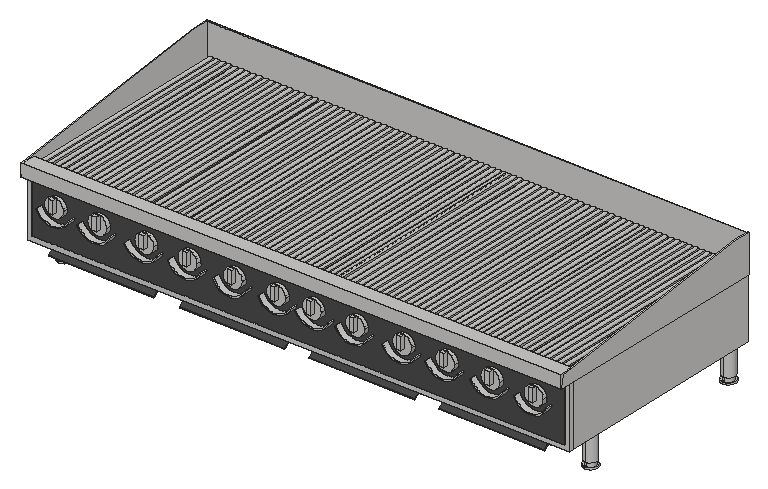
Revit family "QF_Vollrath_972CG", category Specialty Equipment, Revit 2016
Family settings
  Part Type = Normal
  Round Connector Dimension = Use Diameter
  OmniClass Number = 23.40.40.14.17.21
  OmniClass Title = Grills
  Work Plane-Based = No
  Always vertical = Yes
  Cut with Voids When Loaded = No
  Shared = No
  Room Calculation Point = No
Parameters (values of type "972CG")
  Width = 72.00"
  Weight in Pounds = 700
  Watermarked By = "http://revitwatermark.com"
  URL Cutsheet = ""
  URL = ""
  Status [instance] = ""
  Specification by User [instance] = ""
  Specification by Manufacturer [instance] = ""
  Serial Number [instance] = ""
  Seismic Rating [instance] = ""
  Revision Code [instance] = ""
  NAFEM Spec ID Number [instance] = ""
  Model = "972CG"
  Mechanical Remarks [instance] = ""
  Mechanical Connection Type [instance] = ""
  Masterspec [instance] = ""
  Manufacturer = "Vollrath"
  Length = 31.00"
  Item Number [instance] = "-"
  Installed By [instance] = ""
  Height AFF [instance] = 36.00"
  Gas Size = 3/4"
  Gas RI Height [instance] = 0.00"
  Gas Input = 240000.0 Btu/h
  Gas Connection Height [instance] = Height AFF + 5.375"  # 41.375"
  Furnished By [instance] = ""
  Foodservice Equipment Identifier [instance] = yes
  Description = "Heavy Duty Charbroiler"
  CSI MasterFormat = "11 44 00"
  Assembly Code = "E1090320"
Reference planes (in)
  plane 1: z = 0
  plane 2 "BOTTOM": z = 36
  plane 3 "LEFT CLEARANCE": x = -30.72076
  plane 4 "RIGHT CLEARANCE": x = 53.27924
  plane 5 "BACK CLEARANCE": y = 6
  plane 6 "FRONT": y = -31
  plane 7 "Top of Legs": z = 40
  plane 8 "LEFT": x = -24.72076
  plane 9: x = 47.27924
  plane 10 "BACK": y = 0
  plane 11: z = 39.75
  plane 12: z = 39.5
  plane 13: x = -22.40972
  plane 14: x = -18.72076
  plane 15: x = -15.03179
  plane 16: z = 41.5
  plane 17: x = -12.72076
  plane 18: y = -0.125
  plane 19: x = -24.59576
  plane 20: z = 48.06
  plane 21: x = -6.72076
  plane 22: z = 53.06
  plane 23: x = 2.27924
  plane 24: x = 8.27924
  plane 25: x = 11.27924
  plane 26: x = 11.27924
  plane 27: x = 17.27924
  plane 28: y = -53.12
  plane 29: z = 48.51316
  plane 30: z = 39.5
  plane 31: y = 1.5
  plane 32: x = 18.26221
Forms (in)
  Extrusion 1, solid, material "QF_Finishes_Stainless Steel"
    sketch origin (0, 0, 36) x (0, 1, 0) y (-1, 0, 0)
      loop
        circle (-2, 23.59576) r 0.9375
    from 0 to 0.125
  Extrusion 2, solid, material "QF_Finishes_Stainless Steel"
    sketch origin (0, 0, 36) x (0, 1, 0) y (-1, 0, 0)
      loop
        circle (-2, 23.59576) r 0.625
    from 0.125 to 0.75
  Extrusion 3, solid, material "QF_Finishes_Stainless Steel"
    sketch origin (0, 0, 36) x (0, 1, 0) y (-1, 0, 0)
      loop
        circle (-2, 23.59576) r 0.8125
    from 0.75 to 4
  Extrusion 4, solid, material "QF_Finishes_Stainless Steel"
    sketch origin (33.375, 0, 36) x (0, 1, 0) y (-1, 0, 0)
      loop
        circle (-2, -12.90424) r 0.9375
    from 0 to 0.125
  Extrusion 5, solid, material "QF_Finishes_Stainless Steel"
    sketch origin (33.375, 0, 36) x (0, 1, 0) y (-1, 0, 0)
      loop
        circle (-2, -12.90424) r 0.625
    from 0.125 to 0.75
  Extrusion 6, solid, material "QF_Finishes_Stainless Steel"
    sketch origin (33.375, 0, 36) x (0, 1, 0) y (-1, 0, 0)
      loop
        circle (-2, -12.90424) r 0.8125
    from 0.75 to 4
  Extrusion 7, solid, material "QF_Finishes_Stainless Steel"
    sketch origin (33.375, -24, 36) x (0, 1, 0) y (-1, 0, 0)
      loop
        circle (-1, -12.90424) r 0.9375
    from 0 to 0.125
  Extrusion 8, solid, material "QF_Finishes_Stainless Steel"
    sketch origin (33.375, -24, 36) x (0, 1, 0) y (-1, 0, 0)
      loop
        circle (-1, -12.90424) r 0.625
    from 0.125 to 0.75
  Extrusion 9, solid, material "QF_Finishes_Stainless Steel"
    sketch origin (33.375, -24, 36) x (0, 1, 0) y (-1, 0, 0)
      loop
        circle (-1, -12.90424) r 0.8125
    from 0.75 to 4
  Extrusion 10, solid, material "QF_Finishes_Stainless Steel"
    sketch origin (0, -24, 36) x (0, 1, 0) y (-1, 0, 0)
      loop
        circle (-1, 23.59576) r 0.9375
    from 0 to 0.125
  Extrusion 11, solid, material "QF_Finishes_Stainless Steel"
    sketch origin (0, -24, 36) x (0, 1, 0) y (-1, 0, 0)
      loop
        circle (-1, 23.59576) r 0.625
    from 0.125 to 0.75
  Extrusion 12, solid, material "QF_Finishes_Stainless Steel"
    sketch origin (0, -24, 36) x (0, 1, 0) y (-1, 0, 0)
      loop
        circle (-1, 23.59576) r 0.8125
    from 0.75 to 4
  Extrusion 13, solid, material "QF_Finishes_Stainless Steel"
    sketch origin (0, 0, 36) x (0, 1, 0) y (-1, 0, 0)
      loop
        line (0, 24.72076) -> (-29.04599, 24.72076) -> (-29.04599, -47.27924) -> (0, -47.27924) -> (0, 24.72076)
    from 4 to 12.06
  Extrusion 14, solid, material "QF_Finishes_Black"
    sketch origin (0.75, -4, 0) x (1, 0, 0) y (0, 0, 1)
      loop
        line (-22.40972, 40) -> (-22.40972, 39.75) -> (-8.40972, 39.75) -> (-8.40972, 40) -> (-22.40972, 40)
    from 0 to 25.04599
  Extrusion 15, solid, material "QF_Finishes_Black"
    sketch origin (0.75, -4, 0) x (1, 0, 0) y (0, 0, 1)
      loop
        line (-22.40972, 39.75) -> (-22.40972, 39.5) -> (-8.40972, 39.5) -> (-8.40972, 39.75) -> (-22.40972, 39.75)
    from 0 to 25.04599
  Extrusion 16, solid, material "QF_Finishes_Black"
    sketch origin (0, -4, 0) x (1, 0, 0) y (0, 0, 1)
      loop
        line (-24.21829, 47.52818) -> (-24.21829, 40.59949) -> (46.65671, 40.59949) -> (46.65671, 47.52818) -> (-24.21829, 47.52818)
      loop
        circle (-20.79502, 45.36228) r 1.25
      loop
        circle (-15.04502, 45.36228) r 1.25
      loop
        circle (-8.79502, 45.36228) r 1.25
      loop
        circle (-3.04502, 45.36228) r 1.25
      loop
        circle (2.95498, 45.36228) r 1.25
      loop
        circle (8.70498, 45.36228) r 1.25
      loop
        circle (13.45498, 45.36228) r 1.25
      loop
        circle (19.20498, 45.36228) r 1.25
      loop
        circle (25.45498, 45.36228) r 1.25
      loop
        circle (31.20498, 45.36228) r 1.25
      loop
        circle (37.20498, 45.36228) r 1.25
      loop
        circle (42.95498, 45.36228) r 1.25
    from 25.04599 to 25.75
  Extrusion 17, solid, material "QF_Finishes_Stainless Steel"
    sketch origin (1, -4, 0) x (1, 0, 0) y (0, 0, 1)
      loop
        circle (-21.79502, 45.36228) r 1.25
    from 25.04599 to 26.25
  Extrusion 18, solid, material "QF_Finishes_Stainless Steel"
    sketch origin (1, -4, 0) x (1, 0, 0) y (0, 0, 1)
      loop
        line (-22.10719, 46.57267) -> (-22.10719, 44.88929) -> (-21.55452, 44.88929) -> (-21.55452, 46.57267) -> (-22.10719, 46.57267)
    from 26.25 to 26.75
  Extrusion 19, solid, material "QF_Finishes_Black"
    sketch origin (-23.97076, 0, 0) x (0, 1, 0) y (0, 0, 1)
      loop
        line (-29.04599, 39.75) -> (-29.04599, 39.81748)
        arc (-29.04599, 39.81748) -> (-29.64263, 39.6735) -> (-30.1385, 39.31181) r 1.57025
        line (-30.1385, 39.31181) -> (-30.07487, 39.24818)
        arc (-30.07487, 39.24818) -> (-29.60779, 39.59619) -> (-29.04599, 39.75) r 1.57025
    from 2.31103 to 16.31103
  Extrusion 20, solid, material "QF_Finishes_Clearances", detail levels coarse
    sketch origin (0, 0, 36) x (0, 1, 0) y (-1, 0, 0)
      loop
        line (6, 30.72076) -> (-31, 30.72076) -> (-31, 24.72076) -> (6, 24.72076) -> (6, 30.72076)
    from 0 to 17.06
  Extrusion 21, solid, material "QF_Finishes_Clearances", detail levels coarse
    sketch origin (0, 0, 36) x (0, 1, 0) y (-1, 0, 0)
      loop
        line (6, -47.27924) -> (-31, -47.27924) -> (-31, -53.27924) -> (6, -53.27924) -> (6, -47.27924)
    from 0 to 17.06
  Extrusion 22, solid, material "QF_Finishes_Clearances", detail levels coarse
    sketch origin (0, 0, 36) x (0, 1, 0) y (-1, 0, 0)
      loop
        line (6, 24.72076) -> (0, 24.72076) -> (0, -47.27924) -> (6, -47.27924) -> (6, 24.72076)
    from 0 to 17.06
  Extrusion 23, solid, material "QF_Finishes_Stainless Steel"
    sketch origin (33.29399, 0, 0.12941) x (1, 0, 0) y (0, 0, 1)
      loop
        circle (-15.53179, 41.5) r 0.375
    from -1.5 to 0
  Extrusion 24, solid, material "QF_Finishes_Stainless Steel"
    sketch origin (-36.59576, 0, 0) x (0, 1, 0) y (0, 0, 1)
      loop
        line (-30.61071, 49.60402) -> (-31.00644, 48.06) -> (0, 48.06) -> (0, 53.06) -> (-2.02013, 53.06) -> (-30.61071, 49.60402)
    from 11.875 to 12
  Extrusion 25, solid, material "QF_Finishes_Stainless Steel"
    sketch origin (-24.72076, 0, 0) x (0, 1, 0) y (0, 0, 1)
      loop
        line (-29.04599, 48.06) -> (-29.04599, 49.685) -> (-31, 49.685) -> (-31, 48.06) -> (-29.04599, 48.06)
    from 0.125 to 71.875
  Extrusion 26, solid, material "QF_Finishes_Stainless Steel"
    sketch origin (0, -4, 0) x (1, 0, 0) y (0, 0, 1)
      loop
        line (-24.72076, 48.06) -> (-24.72076, 40) -> (47.27924, 40) -> (47.27924, 48.06) -> (-24.72076, 48.06)
      loop
        line (-24.21829, 47.52818) -> (-24.21829, 40.59949) -> (46.65671, 40.59949) -> (46.65671, 47.52818) -> (-24.21829, 47.52818)
    from 25.04599 to 25.75
  Extrusion 27, solid, material "QF_Finishes_Stainless Steel"
    sketch origin (35.27924, 0, 0) x (0, 1, 0) y (0, 0, 1)
      loop
        line (-30.61026, 49.58067) -> (-31, 48.06) -> (0, 48.06) -> (0, 53.06) -> (-1.85356, 53.06) -> (-30.61026, 49.58067)
    from 11.875 to 12
  Extrusion 28, solid, material "QF_Finishes_Stainless Steel"
    sketch origin (-24.72076, 0, 0) x (0, 1, 0) y (0, 0, 1)
      loop
        line (-0.125, 53.06) -> (-0.125, 48.06) -> (0, 48.06) -> (0, 53.06) -> (-0.125, 53.06)
    from 0 to 72
  Extrusion 29, solid, material "QF_Finishes_Stainless Steel"
    sketch origin (0, 0, 0.5) x (1, 0, 0) y (0, 0, 1)
      loop
        circle (-24.02485, 48.31421) r 0.25
    from 0 to 29.04599
  Extrusion 30, solid, material "QF_Finishes_Stainless Steel"
    sketch origin (0.8089, 0, 0.5) x (1, 0, 0) y (0, 0, 1)
      loop
        circle (-24.02485, 48.31421) r 0.25
    from 0 to 29.04599
  Extrusion 31, solid, material "QF_Finishes_Stainless Steel"
    sketch origin (1.62977, 0, 0.5) x (1, 0, 0) y (0, 0, 1)
      loop
        circle (-24.02485, 48.31421) r 0.25
    from 0 to 29.04599
  Extrusion 32, solid, material "QF_Finishes_Stainless Steel"
    sketch origin (2.43868, 0, 0.5) x (1, 0, 0) y (0, 0, 1)
      loop
        circle (-24.02485, 48.31421) r 0.25
    from 0 to 29.04599
  Extrusion 33, solid, material "QF_Finishes_Stainless Steel"
    sketch origin (3.25954, 0, 0.5) x (1, 0, 0) y (0, 0, 1)
      loop
        circle (-24.02485, 48.31421) r 0.25
    from 0 to 29.04599
  Extrusion 34, solid, material "QF_Finishes_Stainless Steel"
    sketch origin (4.06845, 0, 0.5) x (1, 0, 0) y (0, 0, 1)
      loop
        circle (-24.02485, 48.31421) r 0.25
    from 0 to 29.04599
  Extrusion 35, solid, material "QF_Finishes_Stainless Steel"
    sketch origin (4.88932, 0, 0.5) x (1, 0, 0) y (0, 0, 1)
      loop
        circle (-24.02485, 48.31421) r 0.25
    from 0 to 29.04599
  Extrusion 36, solid, material "QF_Finishes_Stainless Steel"
    sketch origin (5.69822, 0, 0.5) x (1, 0, 0) y (0, 0, 1)
      loop
        circle (-24.02485, 48.31421) r 0.25
    from 0 to 29.04599
  Extrusion 37, solid, material "QF_Finishes_Stainless Steel"
    sketch origin (6.51909, 0, 0.5) x (1, 0, 0) y (0, 0, 1)
      loop
        circle (-24.02485, 48.31421) r 0.25
    from 0 to 29
  Extrusion 38, solid, material "QF_Finishes_Stainless Steel"
    sketch origin (7.32799, 0, 0.5) x (1, 0, 0) y (0, 0, 1)
      loop
        circle (-24.02485, 48.31421) r 0.25
    from 0 to 29
  Extrusion 39, solid, material "QF_Finishes_Stainless Steel"
    sketch origin (8.14886, 0, 0.5) x (1, 0, 0) y (0, 0, 1)
      loop
        circle (-24.02485, 48.31421) r 0.25
    from 0 to 29.04599
  Extrusion 40, solid, material "QF_Finishes_Stainless Steel"
    sketch origin (8.95777, 0, 0.5) x (1, 0, 0) y (0, 0, 1)
      loop
        circle (-24.02485, 48.31421) r 0.25
    from 0 to 29.04599
  Extrusion 41, solid, material "QF_Finishes_Stainless Steel"
    sketch origin (9.76477, 0, 0.5) x (1, 0, 0) y (0, 0, 1)
      loop
        circle (-24.02485, 48.31421) r 0.25
    from 0 to 29
  Extrusion 42, solid, material "QF_Finishes_Stainless Steel"
    sketch origin (10.57367, 0, 0.5) x (1, 0, 0) y (0, 0, 1)
      loop
        circle (-24.02485, 48.31421) r 0.25
    from 0 to 29.04599
  Extrusion 43, solid, material "QF_Finishes_Stainless Steel"
    sketch origin (11.39454, 0, 0.5) x (1, 0, 0) y (0, 0, 1)
      loop
        circle (-24.02485, 48.31421) r 0.25
    from 0 to 29
  Extrusion 44, solid, material "QF_Finishes_Stainless Steel"
    sketch origin (12.26638, 0, 0.5) x (1, 0, 0) y (0, 0, 1)
      loop
        circle (-24.02485, 48.31421) r 0.25
    from 0 to 29.04599
  Extrusion 45, solid, material "QF_Finishes_Stainless Steel"
    sketch origin (13.08724, 0, 0.5) x (1, 0, 0) y (0, 0, 1)
      loop
        circle (-24.02485, 48.31421) r 0.25
    from 0 to 29
  Extrusion 46, solid, material "QF_Finishes_Stainless Steel"
    sketch origin (13.89615, 0, 0.5) x (1, 0, 0) y (0, 0, 1)
      loop
        circle (-24.02485, 48.31421) r 0.25
    from 0 to 29.04599
  Extrusion 47, solid, material "QF_Finishes_Stainless Steel"
    sketch origin (15.40006, 0, 0.5) x (1, 0, 0) y (0, 0, 1)
      loop
        circle (-24.52485, 48.31421) r 0.25
    from 0 to 29
  Extrusion 48, solid, material "QF_Finishes_Stainless Steel"
    sketch origin (16.22092, 0, 0.5) x (1, 0, 0) y (0, 0, 1)
      loop
        circle (-24.52485, 48.31421) r 0.25
    from 0 to 29.04599
  Extrusion 49, solid, material "QF_Finishes_Stainless Steel"
    sketch origin (17.09276, 0, 0.5) x (1, 0, 0) y (0, 0, 1)
      loop
        circle (-24.52485, 48.31421) r 0.25
    from 0 to 29.04599
  Extrusion 50, solid, material "QF_Finishes_Stainless Steel"
    sketch origin (17.91363, 0, 0.5) x (1, 0, 0) y (0, 0, 1)
      loop
        circle (-24.52485, 48.31421) r 0.25
    from 0 to 29.04599
  Extrusion 51, solid, material "QF_Finishes_Stainless Steel"
    sketch origin (18.72253, 0, 0.5) x (1, 0, 0) y (0, 0, 1)
      loop
        circle (-24.52485, 48.31421) r 0.25
    from 0 to 29.04599
  Extrusion 52, solid, material "QF_Finishes_Stainless Steel"
    sketch origin (19.5434, 0, 0.5) x (1, 0, 0) y (0, 0, 1)
      loop
        circle (-24.52485, 48.31421) r 0.25
    from 0 to 29.04599
  Extrusion 53, solid, material "QF_Finishes_Stainless Steel"
    sketch origin (20.3523, 0, 0.5) x (1, 0, 0) y (0, 0, 1)
      loop
        circle (-24.52485, 48.31421) r 0.25
    from 0 to 29.04599
  Extrusion 54, solid, material "QF_Finishes_Stainless Steel"
    sketch origin (21.17317, 0, 0.5) x (1, 0, 0) y (0, 0, 1)
      loop
        circle (-24.52485, 48.31421) r 0.25
    from 0 to 29.04599
  Extrusion 55, solid, material "QF_Finishes_Stainless Steel"
    sketch origin (21.98208, 0, 0.5) x (1, 0, 0) y (0, 0, 1)
      loop
        circle (-24.52485, 48.31421) r 0.25
    from 0 to 29.04599
  Extrusion 56, solid, material "QF_Finishes_Stainless Steel"
    sketch origin (22.80294, 0, 0.5) x (1, 0, 0) y (0, 0, 1)
      loop
        circle (-24.52485, 48.31421) r 0.25
    from 0 to 29.04599
  Extrusion 57, solid, material "QF_Finishes_Stainless Steel"
    sketch origin (23.61185, 0, 0.5) x (1, 0, 0) y (0, 0, 1)
      loop
        circle (-24.52485, 48.31421) r 0.25
    from 0 to 29.04599
  Extrusion 58, solid, material "QF_Finishes_Stainless Steel"
    sketch origin (24.43272, 0, 0.5) x (1, 0, 0) y (0, 0, 1)
      loop
        circle (-24.52485, 48.31421) r 0.25
    from 0 to 29.04599
  Extrusion 59, solid, material "QF_Finishes_Stainless Steel"
    sketch origin (25.24162, 0, 0.5) x (1, 0, 0) y (0, 0, 1)
      loop
        circle (-24.52485, 48.31421) r 0.25
    from 0 to 29.04599
  Extrusion 60, solid, material "QF_Finishes_Stainless Steel"
    sketch origin (26.06249, 0, 0.5) x (1, 0, 0) y (0, 0, 1)
      loop
        circle (-24.52485, 48.31421) r 0.25
    from 0 to 29.04599
  Extrusion 61, solid, material "QF_Finishes_Stainless Steel"
    sketch origin (26.87139, 0, 0.5) x (1, 0, 0) y (0, 0, 1)
      loop
        circle (-12.02485, 48.31421) r 0.25
    from 0 to 29.04599
  Extrusion 62, solid, material "QF_Finishes_Stainless Steel"
    sketch origin (28.50117, 0, 0.5) x (1, 0, 0) y (0, 0, 1)
      loop
        circle (11.97515, 48.31421) r 0.25
    from 0 to 29.04599
  Extrusion 63, solid, material "QF_Finishes_Stainless Steel"
    sketch origin (29.32203, 0, 0.5) x (1, 0, 0) y (0, 0, 1)
      loop
        circle (11.97515, 48.31421) r 0.25
    from 0 to 29.04599
  Extrusion 64, solid, material "QF_Finishes_Stainless Steel"
    sketch origin (30.13094, 0, 0.5) x (1, 0, 0) y (0, 0, 1)
      loop
        circle (11.97515, 48.31421) r 0.25
    from 0 to 29.04599
  Extrusion 65, solid, material "QF_Finishes_Stainless Steel"
    sketch origin (30.9518, 0, 0.5) x (1, 0, 0) y (0, 0, 1)
      loop
        circle (11.97515, 48.31421) r 0.25
    from 0 to 29.04599
  Extrusion 66, solid, material "QF_Finishes_Stainless Steel"
    sketch origin (31.76071, 0, 0.5) x (1, 0, 0) y (0, 0, 1)
      loop
        circle (11.97515, 48.31421) r 0.25
    from 0 to 29.04599
  Extrusion 67, solid, material "QF_Finishes_Stainless Steel"
    sketch origin (32.58158, 0, 0.5) x (1, 0, 0) y (0, 0, 1)
      loop
        circle (11.97515, 48.31421) r 0.25
    from 0 to 29.04599
  Extrusion 68, solid, material "QF_Finishes_Stainless Steel"
    sketch origin (33.40244, 0, 0.5) x (1, 0, 0) y (0, 0, 1)
      loop
        circle (11.97515, 48.31421) r 0.25
    from 0 to 29.04599
  Extrusion 69, solid, material "QF_Finishes_Stainless Steel"
    sketch origin (34.21135, 0, 0.5) x (1, 0, 0) y (0, 0, 1)
      loop
        circle (11.97515, 48.31421) r 0.25
    from 0 to 29.04599
  Extrusion 70, solid, material "QF_Finishes_Stainless Steel"
    sketch origin (26.78759, 0, 0.5) x (1, 0, 0) y (0, 0, 1)
      loop
        circle (-24.52485, 48.31421) r 0.25
    from 0 to 29.04599
  Extrusion 71, solid, material "QF_Finishes_Stainless Steel"
    sketch origin (27.59649, 0, 0.5) x (1, 0, 0) y (0, 0, 1)
      loop
        circle (-24.52485, 48.31421) r 0.25
    from 0 to 29.04599
  Extrusion 72, solid, material "QF_Finishes_Stainless Steel"
    sketch origin (28.41736, 0, 0.5) x (1, 0, 0) y (0, 0, 1)
      loop
        circle (-24.52485, 48.31421) r 0.25
    from 0 to 29.04599
  Extrusion 73, solid, material "QF_Finishes_Stainless Steel"
    sketch origin (29.22627, 0, 0.5) x (1, 0, 0) y (0, 0, 1)
      loop
        circle (-24.52485, 48.31421) r 0.25
    from 0 to 29.04599
  Extrusion 74, solid, material "QF_Finishes_Stainless Steel"
    sketch origin (30.04713, 0, 0.5) x (1, 0, 0) y (0, 0, 1)
      loop
        circle (-24.52485, 48.31421) r 0.25
    from 0 to 29.04599
  Extrusion 75, solid, material "QF_Finishes_Stainless Steel"
    sketch origin (30.85604, 0, 0.5) x (1, 0, 0) y (0, 0, 1)
      loop
        circle (-24.52485, 48.31421) r 0.25
    from 0 to 29.04599
  Extrusion 76, solid, material "QF_Finishes_Stainless Steel"
    sketch origin (31.67691, 0, 0.5) x (1, 0, 0) y (0, 0, 1)
      loop
        circle (-24.52485, 48.31421) r 0.25
    from 0 to 29.04599
  Extrusion 77, solid, material "QF_Finishes_Stainless Steel"
    sketch origin (32.48581, 0, 0.5) x (1, 0, 0) y (0, 0, 1)
      loop
        circle (-24.52485, 48.31421) r 0.25
    from 0 to 29.04599
  Extrusion 78, solid, material "QF_Finishes_Stainless Steel"
    sketch origin (33.30668, 0, 0.5) x (1, 0, 0) y (0, 0, 1)
      loop
        circle (-24.52485, 48.31421) r 0.25
    from 0 to 29.04599
  Extrusion 79, solid, material "QF_Finishes_Stainless Steel"
    sketch origin (34.03178, 0, 0.5) x (1, 0, 0) y (0, 0, 1)
      loop
        circle (-24.52485, 48.31421) r 0.25
    from 0 to 29.04599
  Extrusion 80, solid, material "QF_Finishes_Stainless Steel"
    sketch origin (34.85265, 0, 0.5) x (1, 0, 0) y (0, 0, 1)
      loop
        circle (-24.52485, 48.31421) r 0.25
    from 0 to 29.04599
  Extrusion 81, solid, material "QF_Finishes_Stainless Steel"
    sketch origin (35.66155, 0, 0.5) x (1, 0, 0) y (0, 0, 1)
      loop
        circle (-24.52485, 48.31421) r 0.25
    from 0 to 29.04599
  Extrusion 82, solid, material "QF_Finishes_Stainless Steel"
    sketch origin (36.48242, 0, 0.5) x (1, 0, 0) y (0, 0, 1)
      loop
        circle (-24.52485, 48.31421) r 0.25
    from 0 to 29.04599
  Extrusion 83, solid, material "QF_Finishes_Stainless Steel"
    sketch origin (37.20752, 0, 0.5) x (1, 0, 0) y (0, 0, 1)
      loop
        circle (-24.52485, 48.31421) r 0.25
    from 0 to 29.04599
  Extrusion 84, solid, material "QF_Finishes_Stainless Steel"
    sketch origin (38.02839, 0, 0.5) x (1, 0, 0) y (0, 0, 1)
      loop
        circle (-24.52485, 48.31421) r 0.25
    from 0 to 29.04599
  Extrusion 85, solid, material "QF_Finishes_Stainless Steel"
    sketch origin (38.75349, 0, 0.5) x (1, 0, 0) y (0, 0, 1)
      loop
        circle (-24.52485, 48.31421) r 0.25
    from 0 to 29.04599
  Extrusion 86, solid, material "QF_Finishes_Stainless Steel"
    sketch origin (22.00117, 0, 0.5) x (1, 0, 0) y (0, 0, 1)
      loop
        circle (11.97515, 48.31421) r 0.25
    from 0 to 29.04599
  Extrusion 87, solid, material "QF_Finishes_Stainless Steel"
    sketch origin (22.82203, 0, 0.5) x (1, 0, 0) y (0, 0, 1)
      loop
        circle (11.97515, 48.31421) r 0.25
    from 0 to 29.04599
  Extrusion 88, solid, material "QF_Finishes_Stainless Steel"
    sketch origin (23.63094, 0, 0.5) x (1, 0, 0) y (0, 0, 1)
      loop
        circle (11.97515, 48.31421) r 0.25
    from 0 to 29.04599
  Extrusion 89, solid, material "QF_Finishes_Stainless Steel"
    sketch origin (24.4518, 0, 0.5) x (1, 0, 0) y (0, 0, 1)
      loop
        circle (11.97515, 48.31421) r 0.25
    from 0 to 29.04599
  Extrusion 90, solid, material "QF_Finishes_Stainless Steel"
    sketch origin (25.26071, 0, 0.5) x (1, 0, 0) y (0, 0, 1)
      loop
        circle (11.97515, 48.31421) r 0.25
    from 0 to 29.04599
  Extrusion 91, solid, material "QF_Finishes_Stainless Steel"
    sketch origin (26.08158, 0, 0.5) x (1, 0, 0) y (0, 0, 1)
      loop
        circle (11.97515, 48.31421) r 0.25
    from 0 to 29.04599
  Extrusion 92, solid, material "QF_Finishes_Stainless Steel"
    sketch origin (26.90244, 0, 0.5) x (1, 0, 0) y (0, 0, 1)
      loop
        circle (11.97515, 48.31421) r 0.25
    from 0 to 29.04599
  Extrusion 93, solid, material "QF_Finishes_Stainless Steel"
    sketch origin (27.71135, 0, 0.5) x (1, 0, 0) y (0, 0, 1)
      loop
        circle (11.97515, 48.31421) r 0.25
    from 0 to 29.04599
  Extrusion 94, solid, material "QF_Finishes_Stainless Steel"
    sketch origin (15.50117, 0, 0.5) x (1, 0, 0) y (0, 0, 1)
      loop
        circle (-0.02485, 48.31421) r 0.25
    from 0 to 29.04599
  Extrusion 95, solid, material "QF_Finishes_Stainless Steel"
    sketch origin (16.32203, 0, 0.5) x (1, 0, 0) y (0, 0, 1)
      loop
        circle (-0.02485, 48.31421) r 0.25
    from 0 to 29.04599
  Extrusion 96, solid, material "QF_Finishes_Stainless Steel"
    sketch origin (17.13094, 0, 0.5) x (1, 0, 0) y (0, 0, 1)
      loop
        circle (-0.02485, 48.31421) r 0.25
    from 0 to 29.04599
  Extrusion 97, solid, material "QF_Finishes_Stainless Steel"
    sketch origin (17.9518, 0, 0.5) x (1, 0, 0) y (0, 0, 1)
      loop
        circle (-0.02485, 48.31421) r 0.25
    from 0 to 29.04599
  Extrusion 98, solid, material "QF_Finishes_Stainless Steel"
    sketch origin (18.76071, 0, 0.5) x (1, 0, 0) y (0, 0, 1)
      loop
        circle (-0.02485, 48.31421) r 0.25
    from 0 to 29.04599
  Extrusion 99, solid, material "QF_Finishes_Stainless Steel"
    sketch origin (19.58158, 0, 0.5) x (1, 0, 0) y (0, 0, 1)
      loop
        circle (-0.02485, 48.31421) r 0.25
    from 0 to 29.04599
  Extrusion 100, solid, material "QF_Finishes_Stainless Steel"
    sketch origin (20.40244, 0, 0.5) x (1, 0, 0) y (0, 0, 1)
      loop
        circle (-0.02485, 48.31421) r 0.25
    from 0 to 29.04599
  Extrusion 101, solid, material "QF_Finishes_Stainless Steel"
    sketch origin (21.21135, 0, 0.5) x (1, 0, 0) y (0, 0, 1)
      loop
        circle (-0.02485, 48.31421) r 0.25
    from 0 to 29.04599
  Extrusion 102, solid, material "QF_Finishes_Stainless Steel"
    sketch origin (22.00117, 0, 0.5) x (1, 0, 0) y (0, 0, 1)
      loop
        circle (-0.02485, 48.31421) r 0.25
    from 0 to 29.04599
  Extrusion 103, solid, material "QF_Finishes_Stainless Steel"
    sketch origin (22.82203, 0, 0.5) x (1, 0, 0) y (0, 0, 1)
      loop
        circle (-0.02485, 48.31421) r 0.25
    from 0 to 29.04599
  Extrusion 104, solid, material "QF_Finishes_Stainless Steel"
    sketch origin (23.63094, 0, 0.5) x (1, 0, 0) y (0, 0, 1)
      loop
        circle (-0.02485, 48.31421) r 0.25
    from 0 to 29.04599
  Extrusion 105, solid, material "QF_Finishes_Stainless Steel"
    sketch origin (24.4518, 0, 0.5) x (1, 0, 0) y (0, 0, 1)
      loop
        circle (-0.02485, 48.31421) r 0.25
    from 0 to 29.04599
  Extrusion 106, solid, material "QF_Finishes_Stainless Steel"
    sketch origin (25.26071, 0, 0.5) x (1, 0, 0) y (0, 0, 1)
      loop
        circle (-0.02485, 48.31421) r 0.25
    from 0 to 29.04599
  Extrusion 107, solid, material "QF_Finishes_Stainless Steel"
    sketch origin (26.08158, 0, 0.5) x (1, 0, 0) y (0, 0, 1)
      loop
        circle (-0.02485, 48.31421) r 0.25
    from 0 to 29.04599
  Extrusion 108, solid, material "QF_Finishes_Stainless Steel"
    sketch origin (26.90244, 0, 0.5) x (1, 0, 0) y (0, 0, 1)
      loop
        circle (-0.02485, 48.31421) r 0.25
    from 0 to 29.04599
  Extrusion 109, solid, material "QF_Finishes_Stainless Steel"
    sketch origin (27.71135, 0, 0.5) x (1, 0, 0) y (0, 0, 1)
      loop
        circle (-0.02485, 48.31421) r 0.25
    from 0 to 29.04599
  Extrusion 110, solid, material "QF_Finishes_Stainless Steel"
    sketch origin (28.52025, 0, 0.5) x (1, 0, 0) y (0, 0, 1)
      loop
        circle (-0.02485, 48.31421) r 0.25
    from 0 to 29.04599
  Extrusion 111, solid, material "QF_Finishes_Stainless Steel"
    sketch origin (29.34112, 0, 0.5) x (1, 0, 0) y (0, 0, 1)
      loop
        circle (-0.02485, 48.31421) r 0.25
    from 0 to 29.04599
  Extrusion 112, solid, material "QF_Finishes_Stainless Steel"
    sketch origin (30.16199, 0, 0.5) x (1, 0, 0) y (0, 0, 1)
      loop
        circle (-0.02485, 48.31421) r 0.25
    from 0 to 29.04599
  Extrusion 113, solid, material "QF_Finishes_Stainless Steel"
    sketch origin (30.97089, 0, 0.5) x (1, 0, 0) y (0, 0, 1)
      loop
        circle (-0.02485, 48.31421) r 0.25
    from 0 to 29.04599
  Extrusion 114, solid, material "QF_Finishes_Stainless Steel"
    sketch origin (31.79176, 0, 0.5) x (1, 0, 0) y (0, 0, 1)
      loop
        circle (-0.02485, 48.31421) r 0.25
    from 0 to 29.04599
  Extrusion 115, solid, material "QF_Finishes_Stainless Steel"
    sketch origin (32.60067, 0, 0.5) x (1, 0, 0) y (0, 0, 1)
      loop
        circle (-0.02485, 48.31421) r 0.25
    from 0 to 29.04599
  Extrusion 116, solid, material "QF_Finishes_Stainless Steel"
    sketch origin (33.35067, 0, 0.5) x (1, 0, 0) y (0, 0, 1)
      loop
        circle (-0.02485, 48.31421) r 0.25
    from 0 to 29.04599
  Extrusion 117, solid, material "QF_Finishes_Black"
    sketch origin (18.16932, -4, 0) x (1, 0, 0) y (0, 0, 1)
      loop
        line (-22.40972, 40) -> (-22.40972, 39.75) -> (-8.40972, 39.75) -> (-8.40972, 40) -> (-22.40972, 40)
    from 0 to 25.04599
  Extrusion 118, solid, material "QF_Finishes_Black"
    sketch origin (18.16932, -4, 0) x (1, 0, 0) y (0, 0, 1)
      loop
        line (-22.40972, 39.75) -> (-22.40972, 39.5) -> (-8.40972, 39.5) -> (-8.40972, 39.75) -> (-22.40972, 39.75)
    from 0 to 25.04599
  Extrusion 119, solid, material "QF_Finishes_Black"
    sketch origin (-6.55143, 0, 0) x (0, 1, 0) y (0, 0, 1)
      loop
        line (-29.04599, 39.75) -> (-29.04599, 39.81748)
        arc (-29.04599, 39.81748) -> (-29.64263, 39.6735) -> (-30.1385, 39.31181) r 1.57025
        line (-30.1385, 39.31181) -> (-30.07487, 39.24818)
        arc (-30.07487, 39.24818) -> (-29.60779, 39.59619) -> (-29.04599, 39.75) r 1.57025
    from 2.31103 to 16.31103
  Extrusion 120, solid, material "QF_Finishes_Black"
    sketch origin (35.41932, -4, 0) x (1, 0, 0) y (0, 0, 1)
      loop
        line (-22.40972, 40) -> (-22.40972, 39.75) -> (-8.40972, 39.75) -> (-8.40972, 40) -> (-22.40972, 40)
    from 0 to 25.04599
  Extrusion 121, solid, material "QF_Finishes_Black"
    sketch origin (35.41932, -4, 0) x (1, 0, 0) y (0, 0, 1)
      loop
        line (-22.40972, 39.75) -> (-22.40972, 39.5) -> (-8.40972, 39.5) -> (-8.40972, 39.75) -> (-22.40972, 39.75)
    from 0 to 25.04599
  Extrusion 122, solid, material "QF_Finishes_Black"
    sketch origin (10.69857, 0, 0) x (0, 1, 0) y (0, 0, 1)
      loop
        line (-29.04599, 39.75) -> (-29.04599, 39.81748)
        arc (-29.04599, 39.81748) -> (-29.64263, 39.6735) -> (-30.1385, 39.31181) r 1.57025
        line (-30.1385, 39.31181) -> (-30.07487, 39.24818)
        arc (-30.07487, 39.24818) -> (-29.60779, 39.59619) -> (-29.04599, 39.75) r 1.57025
    from 2.31103 to 16.31103
  Extrusion 123, solid, material "QF_Finishes_Black"
    sketch origin (52.66932, -4, 0) x (1, 0, 0) y (0, 0, 1)
      loop
        line (-22.40972, 40) -> (-22.40972, 39.75) -> (-8.40972, 39.75) -> (-8.40972, 40) -> (-22.40972, 40)
    from 0 to 25.04599
  Extrusion 124, solid, material "QF_Finishes_Black"
    sketch origin (52.66932, -4, 0) x (1, 0, 0) y (0, 0, 1)
      loop
        line (-22.40972, 39.75) -> (-22.40972, 39.5) -> (-8.40972, 39.5) -> (-8.40972, 39.75) -> (-22.40972, 39.75)
    from 0 to 25.04599
  Extrusion 125, solid, material "QF_Finishes_Black"
    sketch origin (27.94857, 0, 0) x (0, 1, 0) y (0, 0, 1)
      loop
        line (-29.04599, 39.75) -> (-29.04599, 39.81748)
        arc (-29.04599, 39.81748) -> (-29.64263, 39.6735) -> (-30.1385, 39.31181) r 1.57025
        line (-30.1385, 39.31181) -> (-30.07487, 39.24818)
        arc (-30.07487, 39.24818) -> (-29.60779, 39.59619) -> (-29.04599, 39.75) r 1.57025
    from 2.31103 to 16.31103
  Extrusion 126, solid, material "QF_Finishes_Stainless Steel"
    sketch origin (6.75, -4, 0) x (1, 0, 0) y (0, 0, 1)
      loop
        circle (-21.79502, 45.36228) r 1.25
    from 25.04599 to 26.25
  Extrusion 127, solid, material "QF_Finishes_Stainless Steel"
    sketch origin (6.75, -4, 0) x (1, 0, 0) y (0, 0, 1)
      loop
        line (-22.10719, 46.57267) -> (-22.10719, 44.88929) -> (-21.55452, 44.88929) -> (-21.55452, 46.57267) -> (-22.10719, 46.57267)
    from 26.25 to 26.75
  Extrusion 128, solid, material "QF_Finishes_Stainless Steel"
    sketch origin (13, -4, 0) x (1, 0, 0) y (0, 0, 1)
      loop
        circle (-21.79502, 45.36228) r 1.25
    from 25.04599 to 26.25
  Extrusion 129, solid, material "QF_Finishes_Stainless Steel"
    sketch origin (13, -4, 0) x (1, 0, 0) y (0, 0, 1)
      loop
        line (-22.10719, 46.57267) -> (-22.10719, 44.88929) -> (-21.55452, 44.88929) -> (-21.55452, 46.57267) -> (-22.10719, 46.57267)
    from 26.25 to 26.75
  Extrusion 130, solid, material "QF_Finishes_Stainless Steel"
    sketch origin (18.75, -4, 0) x (1, 0, 0) y (0, 0, 1)
      loop
        circle (-21.79502, 45.36228) r 1.25
    from 25.04599 to 26.25
  Extrusion 131, solid, material "QF_Finishes_Stainless Steel"
    sketch origin (18.75, -4, 0) x (1, 0, 0) y (0, 0, 1)
      loop
        line (-22.10719, 46.57267) -> (-22.10719, 44.88929) -> (-21.55452, 44.88929) -> (-21.55452, 46.57267) -> (-22.10719, 46.57267)
    from 26.25 to 26.75
  Extrusion 132, solid, material "QF_Finishes_Stainless Steel"
    sketch origin (24.75, -4, 0) x (1, 0, 0) y (0, 0, 1)
      loop
        circle (-21.79502, 45.36228) r 1.25
    from 25.04599 to 26.25
  Extrusion 133, solid, material "QF_Finishes_Stainless Steel"
    sketch origin (24.75, -4, 0) x (1, 0, 0) y (0, 0, 1)
      loop
        line (-22.10719, 46.57267) -> (-22.10719, 44.88929) -> (-21.55452, 44.88929) -> (-21.55452, 46.57267) -> (-22.10719, 46.57267)
    from 26.25 to 26.75
  Extrusion 134, solid, material "QF_Finishes_Stainless Steel"
    sketch origin (30.5, -4, 0) x (1, 0, 0) y (0, 0, 1)
      loop
        circle (-21.79502, 45.36228) r 1.25
    from 25.04599 to 26.25
  Extrusion 135, solid, material "QF_Finishes_Stainless Steel"
    sketch origin (30.5, -4, 0) x (1, 0, 0) y (0, 0, 1)
      loop
        line (-22.10719, 46.57267) -> (-22.10719, 44.88929) -> (-21.55452, 44.88929) -> (-21.55452, 46.57267) -> (-22.10719, 46.57267)
    from 26.25 to 26.75
  Extrusion 136, solid, material "QF_Finishes_Stainless Steel"
    sketch origin (35.25, -4, 0) x (1, 0, 0) y (0, 0, 1)
      loop
        circle (-21.79502, 45.36228) r 1.25
    from 25.04599 to 26.25
  Extrusion 137, solid, material "QF_Finishes_Stainless Steel"
    sketch origin (35.25, -4, 0) x (1, 0, 0) y (0, 0, 1)
      loop
        line (-22.10719, 46.57267) -> (-22.10719, 44.88929) -> (-21.55452, 44.88929) -> (-21.55452, 46.57267) -> (-22.10719, 46.57267)
    from 26.25 to 26.75
  Extrusion 138, solid, material "QF_Finishes_Stainless Steel"
    sketch origin (41, -4, 0) x (1, 0, 0) y (0, 0, 1)
      loop
        circle (-21.79502, 45.36228) r 1.25
    from 25.04599 to 26.25
  Extrusion 139, solid, material "QF_Finishes_Stainless Steel"
    sketch origin (41, -4, 0) x (1, 0, 0) y (0, 0, 1)
      loop
        line (-22.10719, 46.57267) -> (-22.10719, 44.88929) -> (-21.55452, 44.88929) -> (-21.55452, 46.57267) -> (-22.10719, 46.57267)
    from 26.25 to 26.75
  Extrusion 140, solid, material "QF_Finishes_Stainless Steel"
    sketch origin (47.25, -4, 0) x (1, 0, 0) y (0, 0, 1)
      loop
        circle (-21.79502, 45.36228) r 1.25
    from 25.04599 to 26.25
  Extrusion 141, solid, material "QF_Finishes_Stainless Steel"
    sketch origin (47.25, -4, 0) x (1, 0, 0) y (0, 0, 1)
      loop
        line (-22.10719, 46.57267) -> (-22.10719, 44.88929) -> (-21.55452, 44.88929) -> (-21.55452, 46.57267) -> (-22.10719, 46.57267)
    from 26.25 to 26.75
  Extrusion 142, solid, material "QF_Finishes_Stainless Steel"
    sketch origin (53, -4, 0) x (1, 0, 0) y (0, 0, 1)
      loop
        circle (-21.79502, 45.36228) r 1.25
    from 25.04599 to 26.25
  Extrusion 143, solid, material "QF_Finishes_Stainless Steel"
    sketch origin (53, -4, 0) x (1, 0, 0) y (0, 0, 1)
      loop
        line (-22.10719, 46.57267) -> (-22.10719, 44.88929) -> (-21.55452, 44.88929) -> (-21.55452, 46.57267) -> (-22.10719, 46.57267)
    from 26.25 to 26.75
  Extrusion 144, solid, material "QF_Finishes_Stainless Steel"
    sketch origin (59, -4, 0) x (1, 0, 0) y (0, 0, 1)
      loop
        circle (-21.79502, 45.36228) r 1.25
    from 25.04599 to 26.25
  Extrusion 145, solid, material "QF_Finishes_Stainless Steel"
    sketch origin (59, -4, 0) x (1, 0, 0) y (0, 0, 1)
      loop
        line (-22.10719, 46.57267) -> (-22.10719, 44.88929) -> (-21.55452, 44.88929) -> (-21.55452, 46.57267) -> (-22.10719, 46.57267)
    from 26.25 to 26.75
  Extrusion 146, solid, material "QF_Finishes_Stainless Steel"
    sketch origin (64.75, -4, 0) x (1, 0, 0) y (0, 0, 1)
      loop
        circle (-21.79502, 45.36228) r 1.25
    from 25.04599 to 26.25
  Extrusion 147, solid, material "QF_Finishes_Stainless Steel"
    sketch origin (64.75, -4, 0) x (1, 0, 0) y (0, 0, 1)
      loop
        line (-22.10719, 46.57267) -> (-22.10719, 44.88929) -> (-21.55452, 44.88929) -> (-21.55452, 46.57267) -> (-22.10719, 46.57267)
    from 26.25 to 26.75
  Extrusion 148, solid, material "QF_Finishes_Black"
    sketch origin (0, 0, 0) x (1, 0, 0) y (0, 0, 1)
      loop
        line (-24.59576, 48.06) -> (47.15424, 48.06) -> (47.15424, 48.51316) -> (-24.59576, 48.51316) -> (-24.59576, 48.06)
    from 0 to 29.04599
  Sweep 149, solid, material "QF_Finishes_Stainless Steel"
    path origin (-0.54537, -30.63083, -9.34906) x (1, 0, 0) y (0, 0, 1)
      loop
        arc (-22.40972, 54.02818) -> (-20.15972, 52.59334) -> (-17.90972, 54.02818) r 2.48155
    profile origin (-20.70509, -30.63083, 43.24428) x (0, 0, 1) y (0, -1, 0)
      loop
        line (0, 0) -> (0, -0.83484) -> (0.14592, -0.83484) -> (0.14592, 0) -> (0, 0)
  Sweep 150, solid, material "QF_Finishes_Stainless Steel"
    path origin (4.95463, -30.63083, -9.34906) x (1, 0, 0) y (0, 0, 1)
      loop
        arc (-22.40972, 54.02818) -> (-20.15972, 52.59334) -> (-17.90972, 54.02818) r 2.48155
    profile origin (-15.20509, -30.63083, 43.24428) x (0, 0, 1) y (0, -1, 0)
      loop
        line (0, 0) -> (0, -0.83484) -> (0.14592, -0.83484) -> (0.14592, 0) -> (0, 0)
  Sweep 151, solid, material "QF_Finishes_Stainless Steel"
    path origin (11.20463, -30.63083, -9.34906) x (1, 0, 0) y (0, 0, 1)
      loop
        arc (-22.40972, 54.02818) -> (-20.15972, 52.59334) -> (-17.90972, 54.02818) r 2.48155
    profile origin (-8.95509, -30.63083, 43.24428) x (0, 0, 1) y (0, -1, 0)
      loop
        line (0, 0) -> (0, -0.83484) -> (0.14592, -0.83484) -> (0.14592, 0) -> (0, 0)
  Sweep 152, solid, material "QF_Finishes_Stainless Steel"
    path origin (16.95463, -30.63083, -9.34906) x (1, 0, 0) y (0, 0, 1)
      loop
        arc (-22.40972, 54.02818) -> (-20.15972, 52.59334) -> (-17.90972, 54.02818) r 2.48155
    profile origin (-3.20509, -30.63083, 43.24428) x (0, 0, 1) y (0, -1, 0)
      loop
        line (0, 0) -> (0, -0.83484) -> (0.14592, -0.83484) -> (0.14592, 0) -> (0, 0)
  Sweep 153, solid, material "QF_Finishes_Stainless Steel"
    path origin (22.95463, -30.63083, -9.34906) x (1, 0, 0) y (0, 0, 1)
      loop
        arc (-22.40972, 54.02818) -> (-20.15972, 52.59334) -> (-17.90972, 54.02818) r 2.48155
    profile origin (2.79491, -30.63083, 43.24428) x (0, 0, 1) y (0, -1, 0)
      loop
        line (0, 0) -> (0, -0.83484) -> (0.14592, -0.83484) -> (0.14592, 0) -> (0, 0)
  Sweep 154, solid, material "QF_Finishes_Stainless Steel"
    path origin (28.95463, -30.63083, -9.34906) x (1, 0, 0) y (0, 0, 1)
      loop
        arc (-22.40972, 54.02818) -> (-20.15972, 52.59334) -> (-17.90972, 54.02818) r 2.48155
    profile origin (8.79491, -30.63083, 43.24428) x (0, 0, 1) y (0, -1, 0)
      loop
        line (0, 0) -> (0, -0.83484) -> (0.14592, -0.83484) -> (0.14592, 0) -> (0, 0)
  Sweep 155, solid, material "QF_Finishes_Stainless Steel"
    path origin (33.95463, -30.63083, -9.34906) x (1, 0, 0) y (0, 0, 1)
      loop
        arc (-22.40972, 54.02818) -> (-20.15972, 52.59334) -> (-17.90972, 54.02818) r 2.48155
    profile origin (13.79491, -30.63083, 43.24428) x (0, 0, 1) y (0, -1, 0)
      loop
        line (0, 0) -> (0, -0.83484) -> (0.14592, -0.83484) -> (0.14592, 0) -> (0, 0)
  Sweep 156, solid, material "QF_Finishes_Stainless Steel"
    path origin (39.20463, -30.63083, -9.34906) x (1, 0, 0) y (0, 0, 1)
      loop
        arc (-22.40972, 54.02818) -> (-20.15972, 52.59334) -> (-17.90972, 54.02818) r 2.48155
    profile origin (19.04491, -30.63083, 43.24428) x (0, 0, 1) y (0, -1, 0)
      loop
        line (0, 0) -> (0, -0.83484) -> (0.14592, -0.83484) -> (0.14592, 0) -> (0, 0)
  Sweep 157, solid, material "QF_Finishes_Stainless Steel"
    path origin (45.45463, -30.63083, -9.34906) x (1, 0, 0) y (0, 0, 1)
      loop
        arc (-22.40972, 54.02818) -> (-20.15972, 52.59334) -> (-17.90972, 54.02818) r 2.48155
    profile origin (25.29491, -30.63083, 43.24428) x (0, 0, 1) y (0, -1, 0)
      loop
        line (0, 0) -> (0, -0.83484) -> (0.14592, -0.83484) -> (0.14592, 0) -> (0, 0)
  Sweep 158, solid, material "QF_Finishes_Stainless Steel"
    path origin (51.20463, -30.63083, -9.34906) x (1, 0, 0) y (0, 0, 1)
      loop
        arc (-22.40972, 54.02818) -> (-20.15972, 52.59334) -> (-17.90972, 54.02818) r 2.48155
    profile origin (31.04491, -30.63083, 43.24428) x (0, 0, 1) y (0, -1, 0)
      loop
        line (0, 0) -> (0, -0.83484) -> (0.14592, -0.83484) -> (0.14592, 0) -> (0, 0)
  Sweep 159, solid, material "QF_Finishes_Stainless Steel"
    path origin (57.20463, -30.63083, -9.34906) x (1, 0, 0) y (0, 0, 1)
      loop
        arc (-22.40972, 54.02818) -> (-20.15972, 52.59334) -> (-17.90972, 54.02818) r 2.48155
    profile origin (37.04491, -30.63083, 43.24428) x (0, 0, 1) y (0, -1, 0)
      loop
        line (0, 0) -> (0, -0.83484) -> (0.14592, -0.83484) -> (0.14592, 0) -> (0, 0)
  Sweep 160, solid, material "QF_Finishes_Stainless Steel"
    path origin (62.95463, -30.63083, -9.34906) x (1, 0, 0) y (0, 0, 1)
      loop
        arc (-22.40972, 54.02818) -> (-20.15972, 52.59334) -> (-17.90972, 54.02818) r 2.48155
    profile origin (42.79491, -30.63083, 43.24428) x (0, 0, 1) y (0, -1, 0)
      loop
        line (0, 0) -> (0, -0.83484) -> (0.14592, -0.83484) -> (0.14592, 0) -> (0, 0)
Lines and regions (in)
  symbolic lines, style "QF_Clearances", detail levels coarse
    curve 1: line (-30.72076, -31, 36) -> (-30.72076, 6, 36)
    curve 2: line (-30.72076, 6, 36) -> (-24.72076, 6, 36)
    curve 3: line (-24.72076, 6, 36) -> (47.27924, 6, 36)
    curve 4: line (47.27924, 6, 36) -> (53.27924, 6, 36)
    curve 5: line (53.27924, 6, 36) -> (53.27924, -31, 36)
    curve 37: line (-22.40972, -31, 36) -> (-22.40972, -53.12, 36)
    curve 38: line (-22.40972, -53.12, 36) -> (-9.40972, -53.12, 36)
    curve 39: line (-9.40972, -53.12, 36) -> (-9.40972, -31, 36)
    curve 40: line (-1.40972, -31, 36) -> (-1.40972, -53.12, 36)
    curve 41: line (-1.40972, -53.12, 36) -> (11.59028, -53.12, 36)
    curve 42: line (11.59028, -53.12, 36) -> (11.59028, -31, 36)
    curve 43: line (15.84028, -31, 36) -> (15.84028, -53.12, 36)
    curve 44: line (15.84028, -53.12, 36) -> (28.84028, -53.12, 36)
    curve 45: line (28.84028, -53.12, 36) -> (28.84028, -31, 36)
    curve 46: line (31.84028, -31, 36) -> (31.84028, -53.12, 36)
    curve 47: line (31.84028, -53.12, 36) -> (44.84028, -53.12, 36)
    curve 48: line (44.84028, -53.12, 36) -> (44.84028, -31, 36)
  symbolic lines
    curve 6: line (-24.72076, 0, 36) -> (47.27924, 0, 36)
    curve 7: line (47.27924, 0, 36) -> (47.27924, -31, 36)
    curve 8: line (47.27924, -31, 36) -> (-24.72076, -31, 36)
    curve 9: line (-24.72076, -31, 36) -> (-24.72076, 0, 36)
    curve 10: line (-24.72076, -29.04599, 36) -> (47.27924, -29.04599, 36)
    curve 11: line (-22.09869, -29.04599, 36) -> (-22.09869, 0, 36)
    curve 12: line (-19.47663, -29.04599, 36) -> (-19.47663, 0, 36)
    curve 13: line (-16.76347, -29.04599, 36) -> (-16.76347, 0, 36)
    curve 14: line (-14.00606, -29.04599, 36) -> (-14.00606, 0, 36)
    curve 15: line (-11.38399, -29.04599, 36) -> (-11.38399, 0, 36)
    curve 16: line (-8.67084, -29.04599, 36) -> (-8.67084, 0, 36)
    curve 17: line (-5.98216, -29.04599, 36) -> (-5.98216, 0, 36)
    curve 18: line (-3.43026, -29.04599, 36) -> (-3.43026, 0, 36)
    curve 19: line (-0.80819, -29.04599, 36) -> (-0.80819, 0, 36)
    curve 20: line (1.90496, -29.04599, 36) -> (1.90496, 0, 36)
    curve 21: line (4.59364, -29.04599, 36) -> (4.59364, 0, 36)
    curve 22: line (7.2157, -29.04599, 36) -> (7.2157, 0, 36)
    curve 23: line (9.92886, -29.04599, 36) -> (9.92886, 0, 36)
    curve 24: line (12.61754, -29.04599, 36) -> (12.61754, 0, 36)
    curve 25: line (15.2396, -29.04599, 36) -> (15.2396, 0, 36)
    curve 26: line (17.86166, -29.04599, 36) -> (17.86166, 0, 36)
    curve 27: line (20.57482, -29.04599, 36) -> (20.57482, 0, 36)
    curve 28: line (23.2635, -29.04599, 36) -> (23.2635, 0, 36)
    curve 29: line (25.88556, -29.04599, 36) -> (25.88556, 0, 36)
    curve 30: line (28.59871, -29.04599, 36) -> (28.59871, 0, 36)
    curve 31: line (31.28739, -29.04599, 36) -> (31.28739, 0, 36)
    curve 32: line (33.90946, -29.04599, 36) -> (33.90946, 0, 36)
    curve 33: line (36.53152, -29.04599, 36) -> (36.53152, 0, 36)
    curve 34: line (39.24467, -29.04599, 36) -> (39.24467, 0, 36)
    curve 35: line (41.93335, -29.04599, 36) -> (41.93335, 0, 36)
    curve 36: line (44.62203, -29.04599, 36) -> (44.62203, 0, 36)
Dimensions and locks (in)
  "Height AFF": plane 2 "BOTTOM" to level
  plane 3 "LEFT CLEARANCE" to plane 8 "LEFT" = 6.00"
  locked: plane 9 to plane 4 "RIGHT CLEARANCE" at 6
  "Length": plane 10 "BACK" to plane 6 "FRONT"
  "Width": plane 8 "LEFT" to plane 9
  Extrusion 23 sketch curve to plane 7 "Top of Legs" = 1.62941"
  locked: plane 7 "Top of Legs" to plane 2 "BOTTOM" at 4
  locked: plane 11 to plane 12 at 0.25
  locked: plane 7 "Top of Legs" to plane 11 at 0.25
  plane 16 to plane 7 "Top of Legs" = 1.50"
  Extrusion 24 to Extrusion 20 = 6.125"
  plane 20 to plane 7 "Top of Legs" = 8.06"
  locked: plane 22 to plane 20 at 5
  equal spacing: plane 9, plane 25, plane 8 "LEFT"
  locked: plane 29 to plane 20 at 0.45316
  locked: plane 22 to Extrusion 29 sketch curve at 4.24579
  plane 9 to plane 26 to plane 8 "LEFT" = 36.00", 36.00"
  plane 26 to plane 32 = 6.98296"
  aligned and locked: level to plane 1
  aligned: plane 9 to Extrusion 13 sketch curve
  aligned: Extrusion 14 sketch curve to plane 15
  aligned: Extrusion 15 sketch curve to plane 15
  aligned: plane 15 to Extrusion 19
  aligned: Extrusion 13 to plane 9
  aligned: plane 7 "Top of Legs" to Extrusion 14
  aligned: plane 11 to Extrusion 15
  aligned: Extrusion 15 to plane 12
  aligned: Extrusion 13 to plane 7 "Top of Legs"
  aligned and locked: Extrusion 26 sketch curve to Extrusion 16  (x3)
  aligned: Extrusion 20 to Extrusion 24
  aligned and locked: Extrusion 21 to Extrusion 20
  aligned and locked: Extrusion 20 to Extrusion 22
  aligned: Extrusion 13 to Extrusion 24
  aligned and locked: plane 29 to Extrusion 148
  aligned and locked: Extrusion 25 to plane 20
  aligned and locked: plane 20 to Extrusion 24 sketch curve
  aligned and locked: Extrusion 24 sketch curve to plane 22
Automatic sketch dimensions
  Extrusion 1 sketch curve to plane 18 = 1.875"
  plane 19 to Extrusion 1 sketch curve = 1.00"
  Extrusion 2 sketch curve to plane 18 = 1.875"
  plane 19 to Extrusion 2 sketch curve = 1.00"
  Extrusion 3 sketch curve to plane 18 = 1.875"
  plane 19 to Extrusion 3 sketch curve = 1.00"
  Extrusion 4 sketch curve to plane 18 = 1.875"
  plane 9 to Extrusion 4 sketch curve = 1.00"
  Extrusion 5 sketch curve to plane 18 = 1.875"
  plane 9 to Extrusion 5 sketch curve = 1.00"
  Extrusion 6 sketch curve to plane 18 = 1.875"
  plane 9 to Extrusion 6 sketch curve = 1.00"
  plane 9 to Extrusion 7 sketch curve = 1.00"
  plane 6 "FRONT" to Extrusion 7 sketch curve = 6.00"
  plane 9 to Extrusion 8 sketch curve = 1.00"
  plane 6 "FRONT" to Extrusion 8 sketch curve = 6.00"
  plane 9 to Extrusion 9 sketch curve = 1.00"
  plane 6 "FRONT" to Extrusion 9 sketch curve = 6.00"
  plane 19 to Extrusion 10 sketch curve = 1.00"
  plane 6 "FRONT" to Extrusion 10 sketch curve = 6.00"
  plane 19 to Extrusion 11 sketch curve = 1.00"
  plane 6 "FRONT" to Extrusion 11 sketch curve = 6.00"
  plane 19 to Extrusion 12 sketch curve = 1.00"
  plane 6 "FRONT" to Extrusion 12 sketch curve = 6.00"
  curve 37 to plane 13 = 0.00"
  curve 37 to plane 28 = 0.00"
  curve 48 to plane 28 = 0.00"
  curve 45 to plane 28 = 0.00"
  curve 40 to plane 28 = 0.00"
  curve 9 to plane 6 "FRONT" = 0.00"
  curve 5 to plane 4 "RIGHT CLEARANCE" = 0.00"
  plane 6 "FRONT" to curve 5 = 0.00"
  curve 1 to plane 3 "LEFT CLEARANCE" = 0.00"
  curve 1 to plane 6 "FRONT" = 0.00"
  curve 10 to plane 8 "LEFT" = 0.00"
  curve 10 to plane 9 = 0.00"
  plane 5 "BACK CLEARANCE" to curve 4 = 0.00"
  curve 3 to plane 9 = 0.00"
  curve 3 to plane 8 "LEFT" = 0.00"
  plane 6 "FRONT" to curve 13 = 1.95401"
  plane 9 to curve 48 = 2.43897"
  curve 47 to curve 47 = 13.00"
  curve 46 to curve 45 = 3.00"
  curve 26 to plane 27 = 0.58242"
  plane 27 to curve 43 = 1.43897"
  curve 41 to plane 25 = 0.31103"
  plane 24 to curve 22 = 1.06354"
  plane 23 to curve 20 = 0.37428"
  plane 23 to curve 41 = 3.68897"
  curve 17 to plane 21 = 0.7386"
  curve 16 to curve 39 = 0.73889"
  plane 15 to curve 14 = 1.02573"
  plane 14 to curve 12 = 0.75587"
  curve 11 to plane 13 = 0.31103"
  Extrusion 13 sketch curve to plane 8 "LEFT" = 0.00"
  Extrusion 13 sketch curve to plane 9 = 0.00"
  Extrusion 13 sketch curve to plane 10 "BACK" = 0.00"
  plane 6 "FRONT" to Extrusion 13 sketch curve = 1.95401"
  Extrusion 14 sketch curve to plane 11 = 0.00"
  Extrusion 14 sketch curve to plane 7 "Top of Legs" = 0.00"
  Extrusion 14 sketch curve to plane 13 = 0.75"
  plane 21 to Extrusion 14 sketch curve = 0.93897"
  Extrusion 15 sketch curve to plane 12 = 0.00"
  Extrusion 15 sketch curve to plane 11 = 0.00"
  Extrusion 15 sketch curve to plane 13 = 0.75"
  plane 21 to Extrusion 15 sketch curve = 0.93897"
  plane 19 to Extrusion 16 sketch curve = 0.37747"
  Extrusion 16 sketch curve to plane 13 = 1.61471"
  Extrusion 16 sketch curve to plane 15 = 0.01323"
  plane 21 to Extrusion 16 sketch curve = 2.07426"
  Extrusion 16 sketch curve to plane 21 = 3.67574"
  Extrusion 16 sketch curve to plane 23 = 0.67574"
  Extrusion 16 sketch curve to plane 24 = 0.42574"
  Extrusion 16 sketch curve to plane 25 = 2.17574"
  Extrusion 16 sketch curve to plane 27 = 1.92574"
  Extrusion 16 sketch curve to plane 20 = 2.69772"  (x12)
  Extrusion 16 sketch curve to Extrusion 16 sketch curve = 6.25"
  Extrusion 16 sketch curve to Extrusion 16 sketch curve = 5.75"
  Extrusion 16 sketch curve to Extrusion 16 sketch curve = 6.00"
  plane 9 to Extrusion 16 sketch curve = 4.32426"
  plane 9 to Extrusion 16 sketch curve = 0.62253"
  plane 7 "Top of Legs" to Extrusion 16 sketch curve = 0.59949"
  Extrusion 16 sketch curve to plane 20 = 0.53182"
  Extrusion 17 sketch curve to Extrusion 17 sketch curve = 0.00"  (x2)
  Extrusion 17 sketch curve to plane 13 = 0.36471"
  Extrusion 17 sketch curve to Extrusion 17 sketch curve = 1.25"
  Extrusion 17 sketch curve to plane 20 = 2.69772"
  Extrusion 18 sketch curve to plane 13 = 1.30254"
  Extrusion 18 sketch curve to Extrusion 18 sketch curve = 0.55267"
  Extrusion 18 sketch curve to plane 20 = 3.17071"
  Extrusion 18 sketch curve to plane 20 = 1.48733"
  Extrusion 19 sketch curve to plane 11 = 0.00"
  Extrusion 19 sketch curve to plane 12 = 0.18819"
  plane 6 "FRONT" to Extrusion 19 sketch curve = 0.8615"
  Extrusion 19 sketch curve to plane 12 = 0.25182"
  Extrusion 19 sketch curve to Extrusion 19 sketch curve = 0.06363"  (x2)
  plane 11 to Extrusion 19 sketch curve = 0.06748"
  Extrusion 19 sketch curve to Extrusion 19 sketch curve = 1.02888"
  Extrusion 19 sketch curve to plane 12 = 1.25151"
  Extrusion 20 sketch curve to plane 3 "LEFT CLEARANCE" = 0.00"
  Extrusion 20 sketch curve to plane 6 "FRONT" = 0.00"
  Extrusion 20 sketch curve to plane 5 "BACK CLEARANCE" = 0.00"
  Extrusion 20 sketch curve to plane 8 "LEFT" = 0.00"
  plane 6 "FRONT" to Extrusion 21 sketch curve = 0.00"
  plane 5 "BACK CLEARANCE" to Extrusion 21 sketch curve = 0.00"
  Extrusion 21 sketch curve to plane 4 "RIGHT CLEARANCE" = 0.00"
  Extrusion 21 sketch curve to plane 9 = 0.00"
  Extrusion 22 sketch curve to plane 8 "LEFT" = 0.00"
  Extrusion 22 sketch curve to plane 10 "BACK" = 0.00"
  Extrusion 22 sketch curve to plane 5 "BACK CLEARANCE" = 0.00"
  Extrusion 22 sketch curve to plane 9 = 0.00"
  Extrusion 23 sketch curve to plane 27 = 0.48296"
  Extrusion 24 sketch curve to plane 10 "BACK" = 0.00"
  Extrusion 24 sketch curve to plane 18 = 1.89513"
  plane 6 "FRONT" to Extrusion 24 sketch curve = 0.38929"
  Extrusion 24 sketch curve to plane 6 "FRONT" = 0.00644"
  plane 29 to Extrusion 24 sketch curve = 1.09086"
  Extrusion 25 sketch curve to plane 6 "FRONT" = 0.00"
  Extrusion 25 sketch curve to plane 20 = 0.00"
  plane 6 "FRONT" to Extrusion 25 sketch curve = 1.95401"
  plane 29 to Extrusion 25 sketch curve = 1.17184"
  Extrusion 26 sketch curve to plane 7 "Top of Legs" = 0.00"
  Extrusion 26 sketch curve to plane 8 "LEFT" = 0.00"
  plane 9 to Extrusion 26 sketch curve = 0.00"
  Extrusion 26 sketch curve to plane 20 = 0.00"
  plane 9 to Extrusion 26 sketch curve = 0.62253"
  Extrusion 27 sketch curve to plane 6 "FRONT" = 0.00"
  Extrusion 27 sketch curve to plane 22 = 0.00"
  Extrusion 27 sketch curve to plane 10 "BACK" = 0.00"
  Extrusion 27 sketch curve to plane 20 = 0.00"
  plane 6 "FRONT" to Extrusion 27 sketch curve = 0.38974"
  Extrusion 27 sketch curve to plane 18 = 1.72856"
  plane 29 to Extrusion 27 sketch curve = 1.06751"
  Extrusion 28 sketch curve to plane 18 = 0.00"
  Extrusion 28 sketch curve to plane 10 "BACK" = 0.00"
  Extrusion 28 sketch curve to plane 20 = 0.00"
  Extrusion 28 sketch curve to plane 22 = 0.00"
  plane 19 to Extrusion 29 sketch curve = 0.5709"
  plane 29 to Extrusion 30 sketch curve = 0.30105"
  plane 13 to Extrusion 30 sketch curve = 0.80622"
  Extrusion 31 sketch curve to plane 13 = 0.01464"
  plane 29 to Extrusion 31 sketch curve = 0.30105"
  plane 29 to Extrusion 32 sketch curve = 0.30105"
  Extrusion 32 sketch curve to plane 13 = 0.82355"
  plane 29 to Extrusion 33 sketch curve = 0.30105"
  Extrusion 33 sketch curve to plane 13 = 1.64442"
  plane 29 to Extrusion 34 sketch curve = 0.30105"
  plane 14 to Extrusion 34 sketch curve = 1.23565"
  plane 14 to Extrusion 35 sketch curve = 0.41478"
  plane 29 to Extrusion 35 sketch curve = 0.30105"
  Extrusion 36 sketch curve to plane 14 = 0.39412"
  plane 29 to Extrusion 36 sketch curve = 0.30105"
  plane 29 to Extrusion 37 sketch curve = 0.30105"
  Extrusion 37 sketch curve to plane 14 = 1.21499"
  plane 29 to Extrusion 38 sketch curve = 0.30105"
  Extrusion 38 sketch curve to plane 15 = 1.66507"
  plane 29 to Extrusion 39 sketch curve = 0.30105"
  Extrusion 39 sketch curve to plane 15 = 0.8442"
  Extrusion 40 sketch curve to plane 15 = 0.0353"
  plane 29 to Extrusion 40 sketch curve = 0.30105"
  plane 29 to Extrusion 41 sketch curve = 0.30105"
  plane 15 to Extrusion 41 sketch curve = 0.7717"
  plane 29 to Extrusion 42 sketch curve = 0.30105"
  plane 17 to Extrusion 42 sketch curve = 0.73043"
  Extrusion 43 sketch curve to plane 17 = 0.09044"
  plane 29 to Extrusion 43 sketch curve = 0.30105"
  plane 29 to Extrusion 44 sketch curve = 0.30105"
  Extrusion 44 sketch curve to plane 17 = 0.96228"
  plane 29 to Extrusion 45 sketch curve = 0.30105"
  Extrusion 45 sketch curve to plane 17 = 1.78315"
  plane 29 to Extrusion 46 sketch curve = 0.30105"
  Extrusion 46 sketch curve to plane 17 = 2.59205"
  plane 29 to Extrusion 47 sketch curve = 0.30105"
  plane 21 to Extrusion 47 sketch curve = 2.40404"
  plane 29 to Extrusion 48 sketch curve = 0.30105"
  plane 21 to Extrusion 48 sketch curve = 1.58317"
  plane 29 to Extrusion 49 sketch curve = 0.30105"
  plane 21 to Extrusion 49 sketch curve = 0.71134"
